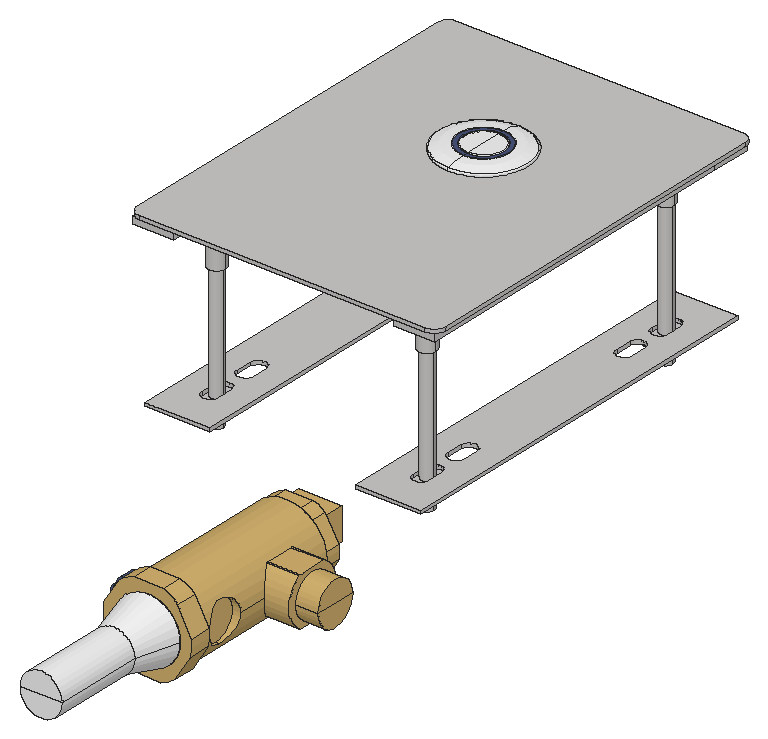
Revit family "PRD_AR_FlshCntrlDvcs_F5EElectronicWCFlush_F5EF4004", category Plumbing Fixtures, host Face, Revit 2023
Family settings
  Host = Face
  Round Connector Dimension = Use Diameter
  Part Type = Normal
  OmniClass Number = 23.45.55.11
  OmniClass Title = Sanitary Components
  Enable Cutting in Views = Yes
  Cut with Voids When Loaded = Yes
  Maintain Annotation Orientation = No
  Shared = No
  Room Calculation Point = No
Parameters (values of type "F5EF4004")
  WithTransformerPowerSupply = "No"
  Waste Connection = yes
  WarrantyStartDate [instance] = "1900-12-31T23:59:59"
  WarrantyGuarantorParts = "n/a"
  WarrantyGuarantorLabor = "n/a"
  WarrantyDurationUnit = "n/a"
  WarrantyDurationParts = "n/a"
  WarrantyDurationLabor = "n/a"
  WarrantyDescription = "n/a"
  WallThicknessControl [instance] = if(WallThickness < 50 mm, 50 mm, if(WallThickness > 500 mm, 500 mm, WallThickness))  # 100 mm
  WallThickness [instance] = 100 mm
  WFU = 0
  Voltage [instance] = 24 V
  Version = "1"
  Vent Connection = yes
  ValveVerticalOffset [instance] = 150 mm
  ValveTurnOn [instance] = yes
  ValveOffsetFromWall [instance] = 150 mm
  Uniclass2015Version = "Products v1.36"
  Uniclass2015Title = "Flush control devices"
  Uniclass2015Code = "Pr_75_50_46_31"
  URL = "www.kwc-professional.com"
  TypeOfSensor = "piezo-electronic sensor"
  TypeOfPowerSupply = "Transformer"
  TypeOfOperation = "sensor operation"
  TypeOfMounting = "concealed"
  TypeOfFlushingFitting = "WC flush valve"
  Type IFC Predefined Type = "USERDEFINED"
  TagNumber [instance] = "n/a"
  SustainabilityPerformance = "n/a"
  SurfaceFinishCasing = "satin finished"
  Status = "New"
  SoundInsulation = "No"
  Size = "20"
  Shape = "n/a"
  SerialNumber [instance] = "n/a"
  Revision = "n/a"
  ReplacementCost = "n/a"
  Reference = "n/a"
  ProtectiveSystemIP = "IP59K"
  ProtectiveShutdown = "Yes"
  ProductInformation = "http://pim.kwc.com/product/2030068198/attachment/datasheet?locale=en"
  PowerSupplyConnection = "A3000 open 24 V DC"
  PowerFactor [instance] = 1
  PowerConsumption = "2.5 Voltampere"
  Poles [instance] = 1
  Parameterization = "network"
  NumberOfPoles [instance] = Poles  # 1
  NominalWidth = 190 mm
  NominalHeight = 245 mm
  NominalDepth = 2 mm
  Name = "F5E Electronic WC flush F5EF4004"
  NBSTypeID = "n/a"
  NBSReference = "90-15-35/470"
  NBSOfficeMasterTag = "n/a"
  NBSNote = "n/a"
  NBSDescription = "Flush control devices"
  NBSCertification = "n/a"
  ModelReference = "F5EF4004"
  ModelNumber = "2030068198"
  Model = ModelReference  # "F5EF4004"
  MinimumFlushWaterVolume = "6 Liter"
  MinimumFlowPressure = "1.2 bar"
  MaximumFlushingFlow = "1 l/s"
  MaximumFlushWaterVolume = "9 Liter"
  MaximumFlowPressure = "4 bar"
  MaterialCodeCasing = "1.4301 Chrome Nickel steel V2A"
  MaterialCasing = "stainless steel"
  Material = "Stainless steel"
  MateriaFitting = "brass-look"
  ManufacturerURL = "www.kwc-professional.com"
  ManufacturerName = "KWC Group Management AG"
  Manufacturer = ManufacturerName  # "KWC Group Management AG"
  InstallationDate [instance] = "1900-12-31T23:59:59"
  IfcExportType = "USERDEFINED"
  IfcExportAs = "IfcSensorType"
  HygieneFlushing = "Yes"
  HWFU = 0
  HW Connection = yes
  Grade = "n/a"
  FunctionalPrinciple = "electronic self-closing"
  FlushingVolumeAdjustable = "Yes"
  Finish = "Satin finished"
  Features = "Stainless steel cover plate 190 x 245 x 2 mm for invisible mounting via threaded rods, up to a wall thickness of 50 to 500 mm."
  Export Type to IFC As = "IfcSensorType"
  ExpectedLife = "n/a"
  DurationUnit = "n/a"
  DiameterNominal = "DN 20"
  Description = "F5E - A3000 open WC flush valve for concealed mounting, electronically controlled. Especially suitable for facilities at risk of vandalism. With waterproof electronic module with additional input for sensors to be provided by the client, maximum distance to the electronic module 5 m, solenoid flush valve including enclosed throttle insert for reducing flush volume, waterproof electrical T-junction for connection to system cable, stainless steel cover plate 190 x 245 x 2 mm for invisible mounting via threaded rods, up to a wall thickness of 50 to 500 mm, including piezo push-button and 2 m extension cable. Activated hygiene flushing 24 hours after the last activity. With facility for parameterization, cleaning deactivation and communication via ECC2 function controller, 24 V DC."
  DefaultAutomaticHygieneFlush = "24h after the last activity"
  Default Elevation = 1219.2 mm
  CreateOn = "05/2025"  # constant formula
  Constituents = "n/a"
  Color = "stainless steel-look"
  CodePerformance = "n/a"
  Category = "Pr_75_50_46_31, Flush control devices"
  CWFU = 0
  CW Connection = yes
  ButtonMaterial = PRD_AR_ChromatedBrass_HighPolished
  BodyMaterial = PRD_AR_StainlessSteel_Brushed
  BasicColour = "stainless steel-look"
  BarCode [instance] = "n/a"
  BIMObjectName = "PRD_AR_FlushControlDevices_F5EElectronicWCFlush_F5EF4004"
  Author = "Archispace"
  AssetType = "Fixed"
  AssetIdentifier [instance] = "n/a"
  ApparentLoad [instance] = 0 VA
  AccessibilityPerformance = "n/a"
Reference planes
  plane 1 "Center (Front/Back)": y = 0
  plane 2: z = 0
  plane 3 "Center (Left/Right)": x = 0
  plane 4: z = -100
  plane 5: y = -150
  plane 6: z = -150
  plane 7: z = -177.888
  plane 8: z = -122.112
  plane 9: y = -87
  plane 10: y = -308.5
  plane 11: x = 54.5
  plane 12: x = -54.5
  plane 13: y = -87
  plane 14: y = -308.5
Forms (mm)
  Extrusion 1, void
    sketch origin (0, 0, 0) x (1, 0, 0) y (0, 1, 0)
      loop
        circle (0, 4.921) r 11.456
    from -25 to 17.126
  Extrusion 2, void
    sketch origin (0, 0, 0) x (1, 0, 0) y (0, 1, 0)
      loop
        line (-73.04, 101.038) -> (-73.04, 0) -> (-73.04, -101.038) -> (0, -101.038) -> (73.04, -101.038) -> (73.04, 0) -> (73.04, 101.038) -> (0, 101.038) -> (-73.04, 101.038)
    from 0 to -100
  Extrusion 3, void
    sketch origin (0, 0, 0) x (1, 0, 0) y (0, 1, 0)
      loop
        line (54.5, -308.5) -> (54.5, -87) -> (-54.5, -87) -> (-54.5, -308.5) -> (54.5, -308.5)
    from -177.888 to -122.112
Dimensions and locks
  "WallThicknessControl": level to plane 4
  "ValveVerticalOffset": plane 5 to plane 1 "Center (Front/Back)"
  "ValveOffsetFromWall": level to plane 6
  plane 8 to plane 6 to plane 7 = 27.888 mm locked, 27.888 mm locked
  plane 9 to plane 5 to plane 10 = 63 mm locked, 158.5 mm locked
  plane 12 to plane 3 "Center (Left/Right)" to plane 11 = 54.5 mm locked, 54.5 mm locked
  plane 13 to plane 5 to plane 14 = 63 mm locked, 158.5 mm locked
  aligned and locked: plane 2 to host face
  aligned and locked: level to host face
  aligned and locked: Extrusion 2 to plane 4
  aligned and locked: nested 2 to plane 3 "Center (Left/Right)"
  aligned and locked: plane 5 to nested 2
  aligned and locked: plane 6 to nested 2
  aligned and locked: plane 14 to Extrusion 3 sketch curve
  aligned and locked: Extrusion 3 sketch curve to plane 11
  aligned and locked: Extrusion 3 sketch curve to plane 13
  aligned and locked: Extrusion 3 sketch curve to plane 12
  aligned and locked: Extrusion 3 to plane 7
  aligned and locked: plane 8 to Extrusion 3
Automatic sketch dimensions
  host sketch curve to host sketch curve = 2438.4 mm  (x2)
  Extrusion 1 sketch curve to Extrusion 1 sketch curve = 0 mm  (x2)
  Extrusion 1 sketch curve to plane 3 "Center (Left/Right)" = 0 mm
  Extrusion 1 sketch curve to plane 1 "Center (Front/Back)" = 4.921 mm
  Extrusion 1 sketch curve to Extrusion 1 sketch curve = 11.456 mm
  plane 1 "Center (Front/Back)" to Extrusion 2 sketch curve = 0 mm  (x2)
  Extrusion 2 sketch curve to plane 3 "Center (Left/Right)" = 0 mm  (x2)
  Extrusion 2 sketch curve to Extrusion 2 sketch curve = 73.04 mm
  plane 3 "Center (Left/Right)" to Extrusion 2 sketch curve = 73.04 mm
  plane 1 "Center (Front/Back)" to Extrusion 2 sketch curve = 101.038 mm
  Extrusion 2 sketch curve to plane 1 "Center (Front/Back)" = 101.038 mm
Nested families
  nested 1: "ElectronicWCFlush" at (0, 0, 0) x (-1, 0, 0) z (0, 0, 1), Wall Thickness <- "WallThickness", type "ElectronicWCFlush"
    with Wall Thickness_Control 100 mm, Wall Thickness 100 mm
  nested 2: "Valve" at (0, -150, -150) x (0, 0, 1) z (0, 1, 0), visible <- "ValveTurnOn", type "Valve"
Connectors
  electrical at (0, 32.5, -15.835), driven by "Voltage", driven by "ApparentLoad", driven by "PowerFactor", driven by "Poles"
    settings: on nested 1, index 1, voltage 24 V, apparent load 0 VA, apparent load phase1 0 VA, apparent load phase2 0 VA, apparent load phase3 0 VA, power factor 1, load classification "Power", number of poles 1, system type 30, power factor state 1, is connector primary yes, connector utility no, sub classification motor no, connector description "Power"
  piping at (54.5, -150, -150), diameter 20
    settings: on nested 2, index 2, connector inside diameter 609.6 mm, connector length 0 mm, flow factor 0, pipe flow 0.0 L/s, pressure drop 0.0 Pa, fitting loss kfactor 0, connector angle 0.00°, fixture units 0, engagement length 0 mm, angle of deflection 0.00°, flow configuration 0, flow direction 1, fitting loss method 0, system type 7, joint type 0, gender type 0, connector reference index -1, connector utility 0, adjustable connector no, is connector primary yes, connector description "G1B"
  piping at (0, -308.5, -150), diameter 26
    settings: on nested 2, index 3, connector inside diameter 609.6 mm, connector length 0 mm, flow factor 0, pipe flow 0.0 L/s, pressure drop 0.0 Pa, fitting loss kfactor 0, connector angle 0.00°, fixture units 0, engagement length 0 mm, angle of deflection 0.00°, flow configuration 0, flow direction 0, fitting loss method 0, system type 28, joint type 0, gender type 0, connector reference index -1, connector utility 0, adjustable connector no, is connector primary no, connector description ""
Definition of nested family "ElectronicWCFlush"
  Parameters (values of type "ElectronicWCFlush")
    Wall Thickness_Control [instance] = if(Wall Thickness < 50 mm, 50 mm, if(Wall Thickness > 500 mm, 500 mm, Wall Thickness))  # 130 mm
    Wall Thickness [instance] = 130 mm
    Material Button = none
    Material = none
    Default Elevation = 0 mm
  Reference planes
    plane 1 "Center (Front/Back)": y = 0
    plane 2: z = 0
    plane 3 "Center (Left/Right)": x = 0
    plane 4: z = -148.736
    plane 5: z = -132
    plane 6: z = -130
    plane 7: z = 2
    plane 8: z = -4.4
    plane 9: z = 26
    plane 10: z = -18
    plane 11: z = -15.91
  Forms (mm)
    Extrusion 1, solid, material <- "Material", detail levels fine
      sketch origin (0, 0, 0) x (1, 0, 0) y (0, 1, 0)
        loop
          line (-95, 115.5) -> (-95, -115.5)
          arc (-95, -115.5) -> (-92.95, -120.45) -> (-88, -122.5) r 7
          line (-88, -122.5) -> (88, -122.5)
          arc (88, -122.5) -> (92.95, -120.45) -> (95, -115.5) r 7
          line (95, -115.5) -> (95, 115.5)
          arc (95, 115.5) -> (92.95, 120.45) -> (88, 122.5) r 7
          line (88, 122.5) -> (-88, 122.5)
          arc (-88, 122.5) -> (-92.95, 120.45) -> (-95, 115.5) r 7
      from 0 to 2
    Extrusion 2, solid, material <- "Material", detail levels fine
      sketch origin (0, 0, 0) x (1, 0, 0) y (0, 1, 0)
        loop
          line (-93, 121.5) -> (-93, -94.5) -> (-68, -94.5) -> (-68, 121.5) -> (-93, 121.5)
        loop
          line (93, 121.5) -> (68, 121.5) -> (68, -94.5) -> (93, -94.5) -> (93, 121.5)
      from -4.4 to 0
    Extrusion 3, solid, material <- "Material", detail levels fine
      sketch origin (0, 0, 0) x (1, 0, 0) y (0, 1, 0)
        loop
          line (-93, -94.5) -> (-93, -119.5) -> (93, -119.5) -> (93, -94.5) -> (-93, -94.5)
      from -4.4 to 0
    Extrusion 4, solid, material <- "Material", detail levels medium+fine
      sketch origin (0, 0, 0) x (1, 0, 0) y (0, 1, 0)
        loop
          circle (-64.946, 92.047) r 5.42
      from -30.436 to 0
    Extrusion 5, solid, material <- "Material", detail levels medium+fine
      sketch origin (0, 0, 0) x (-1, 0, 0) y (0, -1, 0)
        loop
          circle (-64.946, -92.047) r 5.42
      from -30.436 to 0
    Extrusion 6, solid, material <- "Material", detail levels medium+fine
      sketch origin (0, 0, 0) x (-1, 0, 0) y (0, -1, 0)
        loop
          circle (-64.946, 92.047) r 5.42
      from -30.436 to 0
    Extrusion 7, solid, material <- "Material", detail levels medium+fine
      sketch origin (0, 0, 0) x (1, 0, 0) y (0, 1, 0)
        loop
          circle (-64.946, -92.047) r 5.42
      from -30.436 to 0
    Extrusion 8, solid, material <- "Material", detail levels medium+fine
      sketch origin (0, 0, 0) x (1, 0, 0) y (0, 1, 0)
        loop
          circle (-64.946, 92.047) r 4.038
        loop
          circle (64.946, 92.047) r 4.038
        loop
          circle (64.946, -92.047) r 4.038
        loop
          circle (-64.946, -92.047) r 4.038
      from -148.736 to -30.436
    Sweep 9, solid, material <- "Material", detail levels fine
      path origin (0, 0, 0) x (0, 1, 0) y (0, 0, 1)
        loop
          line (122.5, -132) -> (122.5, -130)
      profile origin (0, 122.5, -131) x (0, -1, 0) y (1, 0, 0)
        loop
          line (0, -85) -> (245, -85) -> (245, -45) -> (0, -45) -> (0, -85)
        loop
          line (192.5, -60) -> (182.5, -60)
          arc (182.5, -60) -> (177.5, -65) -> (182.5, -70) r 5
          line (182.5, -70) -> (192.5, -70)
          arc (192.5, -70) -> (197.5, -65) -> (192.5, -60) r 5
        loop
          line (219.5, -60) -> (209.5, -60)
          arc (209.5, -60) -> (204.5, -65) -> (209.5, -70) r 5
          line (209.5, -70) -> (219.5, -70)
          arc (219.5, -70) -> (224.5, -65) -> (219.5, -60) r 5
        loop
          arc (52.5, -60) -> (47.5, -65) -> (52.5, -70) r 5
          line (52.5, -70) -> (62.5, -70)
          arc (62.5, -70) -> (67.5, -65) -> (62.5, -60) r 5
          line (62.5, -60) -> (52.5, -60)
        loop
          arc (25.5, -60) -> (20.5, -65) -> (25.5, -70) r 5
          line (25.5, -70) -> (35.5, -70)
          arc (35.5, -70) -> (40.5, -65) -> (35.5, -60) r 5
          line (35.5, -60) -> (25.5, -60)
        loop
          line (0, 85) -> (0, 45) -> (245, 45) -> (245, 85) -> (0, 85)
        loop
          arc (192.5, 60) -> (197.5, 65) -> (192.5, 70) r 5
          line (192.5, 70) -> (182.5, 70)
          arc (182.5, 70) -> (177.5, 65) -> (182.5, 60) r 5
          line (182.5, 60) -> (192.5, 60)
        loop
          arc (219.5, 60) -> (224.5, 65) -> (219.5, 70) r 5
          line (219.5, 70) -> (209.5, 70)
          arc (209.5, 70) -> (204.5, 65) -> (209.5, 60) r 5
          line (209.5, 60) -> (219.5, 60)
        loop
          line (52.5, 60) -> (62.5, 60)
          arc (62.5, 60) -> (67.5, 65) -> (62.5, 70) r 5
          line (62.5, 70) -> (52.5, 70)
          arc (52.5, 70) -> (47.5, 65) -> (52.5, 60) r 5
        loop
          line (25.5, 60) -> (35.5, 60)
          arc (35.5, 60) -> (40.5, 65) -> (35.5, 70) r 5
          line (35.5, 70) -> (25.5, 70)
          arc (25.5, 70) -> (20.5, 65) -> (25.5, 60) r 5
    Sweep 10, solid, material <- "Material", detail levels fine
      path origin (0, 0, 0) x (0, 1, 0) y (0, 0, 1)
        loop
          line (106, -135) -> (106, -132)
      profile origin (0, 106, -133.5) x (0, -1, 0) y (1, 0, 0)
        loop
          circle (13.984, -64.949) r 13.871
        loop
          circle (13.984, 64.949) r 13.871
        loop
          circle (198.016, -64.949) r 13.871
        loop
          circle (198.016, 64.949) r 13.871
    Sweep 11, solid, material <- "Material", detail levels fine
      path origin (0, 0, 0) x (0, 1, 0) y (0, 0, 1)
        loop
          line (93.672, -141.8) -> (93.672, -135)
      profile origin (0, 93.672, -138.4) x (0, -1, 0) y (1, 0, 0)
        loop
          line (-5.834, -65) -> (-2.081, -71.5) -> (5.425, -71.5) -> (9.177, -65) -> (5.425, -58.5) -> (-2.081, -58.5) -> (-5.834, -65)
        loop
          line (-5.834, 65) -> (-2.081, 58.5) -> (5.425, 58.5) -> (9.177, 65) -> (5.425, 71.5) -> (-2.081, 71.5) -> (-5.834, 65)
        loop
          line (193.177, -65) -> (189.425, -58.5) -> (181.919, -58.5) -> (178.166, -65) -> (181.919, -71.5) -> (189.425, -71.5) -> (193.177, -65)
        loop
          line (193.177, 65) -> (189.425, 71.5) -> (181.919, 71.5) -> (178.166, 65) -> (181.919, 58.5) -> (189.425, 58.5) -> (193.177, 65)
    Extrusion 12, solid, material <- "Material", detail levels coarse
      sketch origin (0, 122.5, -132) x (0, 1, 0) y (-1, 0, 0)
        loop
          line (0, 95) -> (-245, 95) -> (-245, -95) -> (0, -95) -> (0, 95)
      from -16.736 to 134
    Extrusion 13, solid, material <- "Material", detail levels medium
      sketch origin (0, 122.5, -132) x (0, 1, 0) y (-1, 0, 0)
        loop
          line (-245, 95) -> (-245, -95) -> (0, -95) -> (0, 95) -> (-245, 95)
      from 127.6 to 134
    Sweep 14, solid, material <- "Material", detail levels medium
      path origin (0, 0, 0) x (0, 1, 0) y (0, 0, 1)
        loop
          line (122.5, -132) -> (122.5, -130)
      profile origin (0, 122.5, -131) x (0, -1, 0) y (1, 0, 0)
        loop
          line (0, -85) -> (245, -85) -> (245, -45) -> (0, -45) -> (0, -85)
        loop
          line (0, 85) -> (0, 45) -> (245, 45) -> (245, 85) -> (0, 85)
    Revolve 15, solid, material <- "Material Button", detail levels fine
      sketch origin (0, 0, 0) x (0, 1, 0) y (0, 0, 1)
        loop
          line (-32.5, 2) -> (-4.961, 2)
          arc (-4.961, 2) -> (-5.113, 2.697) -> (-5.668, 3.145) r 1.075
          arc (-5.668, 3.145) -> (-11.207, 4.703) -> (-16.94, 5.195) r 30.555
          line (-16.94, 5.195) -> (-16.94, 3.123) -> (-32.5, 3.123) -> (-32.5, 2)
        axis (-32.5, 5.195) -> (-32.5, 2)
      angle from 0 to 360
    Revolve 16, solid, detail levels fine
      sketch origin (0, 0, 0) x (0, 1, 0) y (0, 0, 1)
        loop
          line (-17.049, 5.195) -> (-19.966, 5.195) -> (-19.966, 3.911) -> (-21.528, 3.911) -> (-21.528, 2.7) -> (-17.049, 2.7) -> (-17.049, 5.195)
        axis (-32.5, 2.7) -> (-32.5, 5.195)
      angle from 0 to 360
    Revolve 17, solid, material <- "Material Button", detail levels fine
      sketch origin (0, 0, 0) x (0, 1, 0) y (0, 0, 1)
        loop
          arc (-20.005, 4.697) -> (-20.15, 5.049) -> (-20.502, 5.195) r 0.498
          line (-20.502, 5.195) -> (-32.5, 5.195) -> (-32.5, 3.911) -> (-20.005, 3.911) -> (-20.005, 4.697)
        axis (-32.5, 5.195) -> (-32.5, 3.911)
      angle from 0 to 360
    Revolve 18, solid, detail levels fine
      sketch origin (0, 0, 0) x (0, 1, 0) y (0, 0, 1)
        loop
          line (-32.5, 0) -> (-32.5, -15.835) -> (-22.325, -15.835) -> (-22.325, -14.272) -> (-21.52, -13.467) -> (-21.52, -11.75) -> (-20.333, -11.75) -> (-19.601, -10.25) -> (-18.756, -10.25) -> (-18.756, -3.05) -> (-22.325, -3.05) -> (-22.325, 0) -> (-32.5, 0)
        axis (-32.5, 0) -> (-32.5, -15.835)
      angle from 0 to 360
    Revolve 19, solid, material <- "Material Button", detail levels coarse+medium
      sketch origin (0, 0, 0) x (0, 1, 0) y (0, 0, 1)
        loop
          line (-32.5, 2) -> (-4.961, 2) -> (-4.961, 5.195) -> (-32.5, 5.195) -> (-32.5, 2)
        axis (-32.5, 5.195) -> (-32.5, 2)
      angle from 0 to 360
    Revolve 20, solid, detail levels medium
      sketch origin (0, 0, 0) x (0, 1, 0) y (0, 0, 1)
        loop
          line (-32.5, -3.05) -> (-32.5, -15.835) -> (-18.756, -15.835) -> (-18.756, -3.05) -> (-22.325, -3.05) -> (-22.325, 0) -> (-32.5, 0) -> (-32.5, -3.05)
        axis (-32.5, 0) -> (-32.5, -15.835)
      angle from 0 to 360
    Revolve 21, solid, detail levels coarse
      sketch origin (0, 0, 0) x (0, 1, 0) y (0, 0, 1)
        loop
          line (-32.5, -3.05) -> (-32.5, -15.91) -> (-18.756, -15.91) -> (-18.756, 0) -> (-32.5, 0) -> (-32.5, -3.05)
        axis (-32.5, 0) -> (-32.5, -15.91)
      angle from 0 to 360
  Dimensions and locks
    locked: plane 5 to plane 4 at 16.736
    locked: Sweep 9 sketch curve to plane 5 at 2
    locked: Sweep 10 sketch curve to Sweep 10 sketch curve at 3
    locked: plane 5 to Sweep 11 sketch curve at 3
    locked: Sweep 11 sketch curve to Sweep 11 sketch curve at 6.8
    locked: plane 6 to plane 5 at 2
    "Wall Thickness_Control": level to plane 6
    locked: plane 7 to plane 11 at 17.91
    aligned and locked: level to plane 2
    aligned and locked: Extrusion 8 to plane 4
    aligned and locked: plane 5 to Sweep 9 sketch curve
    aligned and locked: plane 5 to Sweep 10 sketch curve
    aligned and locked: Extrusion 12 to plane 4
    aligned and locked: Extrusion 13 to Extrusion 1
    aligned and locked: Extrusion 12 to Extrusion 1
    aligned and locked: plane 11 to Revolve 21
    aligned and locked: Extrusion 13 to plane 8
  Automatic sketch dimensions
    Extrusion 1 sketch curve to plane 3 "Center (Left/Right)" = 95 mm
    Extrusion 1 sketch curve to Extrusion 1 sketch curve = 7 mm  (x3)
    plane 3 "Center (Left/Right)" to Extrusion 1 sketch curve = 88 mm  (x2)
    plane 1 "Center (Front/Back)" to Extrusion 1 sketch curve = 122.5 mm
    Extrusion 1 sketch curve to plane 1 "Center (Front/Back)" = 115.5 mm
    Extrusion 2 sketch curve to plane 3 "Center (Left/Right)" = 93 mm
    Extrusion 2 sketch curve to Extrusion 2 sketch curve = 25 mm  (x2)
    plane 3 "Center (Left/Right)" to Extrusion 2 sketch curve = 68 mm
    plane 1 "Center (Front/Back)" to Extrusion 2 sketch curve = 94.5 mm  (x2)
    Extrusion 2 sketch curve to plane 1 "Center (Front/Back)" = 121.5 mm  (x2)
    Extrusion 3 sketch curve to plane 3 "Center (Left/Right)" = 93 mm
    plane 3 "Center (Left/Right)" to Extrusion 3 sketch curve = 93 mm
    plane 1 "Center (Front/Back)" to Extrusion 3 sketch curve = 119.5 mm
    Extrusion 3 sketch curve to Extrusion 3 sketch curve = 25 mm
    Extrusion 4 sketch curve to plane 3 "Center (Left/Right)" = 64.946 mm
    Extrusion 4 sketch curve to plane 1 "Center (Front/Back)" = 92.047 mm
    plane 3 "Center (Left/Right)" to Extrusion 5 sketch curve = 64.946 mm
    Extrusion 5 sketch curve to plane 1 "Center (Front/Back)" = 92.047 mm
    plane 3 "Center (Left/Right)" to Extrusion 6 sketch curve = 64.946 mm
    plane 1 "Center (Front/Back)" to Extrusion 6 sketch curve = 92.047 mm
    Extrusion 7 sketch curve to plane 3 "Center (Left/Right)" = 64.946 mm
    plane 1 "Center (Front/Back)" to Extrusion 7 sketch curve = 92.047 mm
    Extrusion 8 sketch curve to plane 3 "Center (Left/Right)" = 64.946 mm  (x2)
    plane 3 "Center (Left/Right)" to Extrusion 8 sketch curve = 64.946 mm  (x2)
    plane 1 "Center (Front/Back)" to Extrusion 8 sketch curve = 92.047 mm  (x2)
    Extrusion 8 sketch curve to plane 1 "Center (Front/Back)" = 92.047 mm  (x2)
    Sweep 9 sketch curve to plane 1 "Center (Front/Back)" = 122.5 mm
    Sweep 9 sketch curve to profile plane = 0 mm  (x2)
    Sweep 9 sketch curve to profile plane = 25.5 mm  (x2)
    Sweep 9 sketch curve to Sweep 9 sketch curve = 10 mm  (x8)
    Sweep 9 sketch curve to Sweep 9 sketch curve = 17 mm  (x4)
    Sweep 9 sketch curve to plane 3 "Center (Left/Right)" = 70 mm  (x2)
    Sweep 9 sketch curve to Sweep 9 sketch curve = 120 mm  (x2)
    Sweep 9 sketch curve to Sweep 9 sketch curve = 25.5 mm  (x2)
    Sweep 9 sketch curve to Sweep 9 sketch curve = 15 mm  (x5)
    Sweep 9 sketch curve to Sweep 9 sketch curve = 0 mm  (x4)
    Sweep 9 sketch curve to Sweep 9 sketch curve = 5 mm  (x8)
    plane 3 "Center (Left/Right)" to Sweep 9 sketch curve = 45 mm
    Sweep 10 sketch curve to plane 1 "Center (Front/Back)" = 106 mm
    Sweep 10 sketch curve to profile plane = 13.984 mm  (x2)
    plane 3 "Center (Left/Right)" to Sweep 10 sketch curve = 64.949 mm  (x2)
    Sweep 10 sketch curve to Sweep 10 sketch curve = 184.032 mm
    Sweep 10 sketch curve to plane 3 "Center (Left/Right)" = 64.949 mm  (x2)
    Sweep 10 sketch curve to Sweep 10 sketch curve = 0 mm
    Sweep 11 sketch curve to plane 1 "Center (Front/Back)" = 93.672 mm
    profile plane to Sweep 11 sketch curve = 5.834 mm  (x2)
    profile plane to Sweep 11 sketch curve = 2.081 mm  (x4)
    Sweep 11 sketch curve to profile plane = 5.425 mm  (x4)
    Sweep 11 sketch curve to Sweep 11 sketch curve = 3.753 mm  (x8)
    plane 3 "Center (Left/Right)" to Sweep 11 sketch curve = 65 mm  (x2)
    Sweep 11 sketch curve to Sweep 11 sketch curve = 168.989 mm
    Sweep 11 sketch curve to plane 3 "Center (Left/Right)" = 65 mm  (x2)
    Sweep 11 sketch curve to Sweep 11 sketch curve = 0 mm
    Sweep 11 sketch curve to plane 3 "Center (Left/Right)" = 71.5 mm  (x2)
    plane 3 "Center (Left/Right)" to Sweep 11 sketch curve = 71.5 mm
    plane 3 "Center (Left/Right)" to Sweep 11 sketch curve = 58.5 mm  (x2)
    Sweep 11 sketch curve to Sweep 11 sketch curve = 7.506 mm  (x4)
    Sweep 11 sketch curve to Sweep 11 sketch curve = 6.5 mm  (x7)
    plane 1 "Center (Front/Back)" to Extrusion 12 sketch curve = 122.5 mm
    plane 3 "Center (Left/Right)" to Extrusion 12 sketch curve = 95 mm
    Extrusion 12 sketch curve to plane 1 "Center (Front/Back)" = 122.5 mm
    Extrusion 12 sketch curve to plane 3 "Center (Left/Right)" = 95 mm
    plane 1 "Center (Front/Back)" to Extrusion 13 sketch curve = 122.5 mm
    Extrusion 13 sketch curve to plane 3 "Center (Left/Right)" = 95 mm
    plane 3 "Center (Left/Right)" to Extrusion 13 sketch curve = 95 mm
    Extrusion 13 sketch curve to plane 1 "Center (Front/Back)" = 122.5 mm
    Sweep 14 sketch curve to plane 6 = 0 mm
    Sweep 14 sketch curve to plane 5 = 0 mm
    Sweep 14 sketch curve to plane 1 "Center (Front/Back)" = 122.5 mm
    Sweep 14 sketch curve to profile plane = 0 mm  (x2)
    plane 3 "Center (Left/Right)" to Sweep 14 sketch curve = 45 mm
    Sweep 14 sketch curve to plane 3 "Center (Left/Right)" = 85 mm
    Sweep 14 sketch curve to Sweep 14 sketch curve = 40 mm  (x2)
    Sweep 14 sketch curve to Sweep 14 sketch curve = 0 mm
    Sweep 14 sketch curve to profile plane = 245 mm
    Revolve 15 sketch curve to plane 7 = 0 mm
    plane 1 "Center (Front/Back)" to Revolve 15 sketch curve = 32.5 mm
    plane 7 to Revolve 15 sketch curve = 1.123 mm
    Revolve 15 sketch curve to Revolve 15 sketch curve = 15.56 mm
    Revolve 15 sketch curve to plane 10 = 7.36 mm
    plane 1 "Center (Front/Back)" to Revolve 15 sketch curve = 16.672 mm
    plane 7 to Revolve 15 sketch curve = 0.133 mm
    plane 1 "Center (Front/Back)" to Revolve 15 sketch curve = 6.028 mm
    Revolve 15 sketch curve to Revolve 15 sketch curve = 1.066 mm
    Revolve 15 sketch curve to Revolve 15 sketch curve = 2.072 mm
    Revolve 15 sketch curve to Revolve 15 sketch curve = 0 mm
    Revolve 15 sketch curve to level = 1.544 mm
    Revolve 15 sketch curve to Revolve 15 sketch curve = 0.561 mm
    plane 7 to Revolve 17 sketch curve = 1.911 mm
    plane 1 "Center (Front/Back)" to Revolve 17 sketch curve = 32.5 mm
    plane 7 to Revolve 17 sketch curve = 3.195 mm
    Revolve 17 sketch curve to Revolve 17 sketch curve = 11.998 mm
    Revolve 17 sketch curve to Revolve 17 sketch curve = 0.498 mm
    Revolve 17 sketch curve to Revolve 17 sketch curve = 0 mm  (x2)
    plane 7 to Revolve 17 sketch curve = 0.43 mm
    plane 7 to Revolve 16 sketch curve = 0.7 mm
    plane 1 "Center (Front/Back)" to Revolve 16 sketch curve = 21.528 mm
    Revolve 16 sketch curve to Revolve 16 sketch curve = 1.561 mm
    Revolve 16 sketch curve to Revolve 16 sketch curve = 2.917 mm
    plane 7 to Revolve 16 sketch curve = 1.911 mm
    Revolve 16 sketch curve to Revolve 16 sketch curve = 1.284 mm
    Revolve 16 sketch curve to Revolve 16 sketch curve = 10.972 mm
    plane 10 to Revolve 16 sketch curve = 2.2 mm
    plane 7 to Revolve 16 sketch curve = 7.85 mm
    Revolve 19 sketch curve to plane 7 = 0 mm
    plane 1 "Center (Front/Back)" to Revolve 19 sketch curve = 32.5 mm
    plane 1 "Center (Front/Back)" to Revolve 19 sketch curve = 4.961 mm
    plane 7 to Revolve 19 sketch curve = 3.195 mm
    Revolve 19 sketch curve to Revolve 19 sketch curve = 0 mm  (x2)
    Revolve 19 sketch curve to level = 1.544 mm
    Revolve 20 sketch curve to level = 0 mm
    plane 8 to Revolve 20 sketch curve = 1.35 mm  (x2)
    plane 1 "Center (Front/Back)" to Revolve 20 sketch curve = 32.5 mm
    Revolve 20 sketch curve to Revolve 20 sketch curve = 10.175 mm
    Revolve 20 sketch curve to Revolve 20 sketch curve = 13.744 mm
    Revolve 20 sketch curve to Revolve 20 sketch curve = 0 mm  (x3)
    plane 10 to Revolve 20 sketch curve = 2.165 mm
    Revolve 21 sketch curve to level = 0 mm
    plane 8 to Revolve 21 sketch curve = 1.35 mm
    plane 1 "Center (Front/Back)" to Revolve 21 sketch curve = 32.5 mm
    Revolve 21 sketch curve to Revolve 21 sketch curve = 13.744 mm
    plane 10 to Revolve 21 sketch curve = 1.656 mm
    Revolve 21 sketch curve to Revolve 21 sketch curve = 0 mm  (x2)
    plane 6 to Revolve 21 sketch curve = 114.09 mm
    Revolve 18 sketch curve to level = 0 mm
    plane 1 "Center (Front/Back)" to Revolve 18 sketch curve = 32.5 mm
    plane 10 to Revolve 18 sketch curve = 3.728 mm
    Revolve 18 sketch curve to Revolve 18 sketch curve = 10.175 mm  (x2)
    plane 8 to Revolve 18 sketch curve = 1.35 mm
    Revolve 18 sketch curve to Revolve 18 sketch curve = 0.805 mm  (x2)
    Revolve 18 sketch curve to Revolve 18 sketch curve = 1.187 mm
    Revolve 18 sketch curve to plane 8 = 5.85 mm
    Revolve 18 sketch curve to Revolve 18 sketch curve = 0.732 mm
    Revolve 18 sketch curve to Revolve 18 sketch curve = 3.57 mm
    plane 10 to Revolve 18 sketch curve = 2.165 mm
    Revolve 18 sketch curve to Revolve 18 sketch curve = 1.5 mm
    Revolve 18 sketch curve to plane 8 = 2.259 mm
    Revolve 18 sketch curve to Revolve 18 sketch curve = 0 mm
    Revolve 18 sketch curve to plane 10 = 2.551 mm
    radius of Extrusion 4 sketch curve = 5.42 mm
    radius of Extrusion 5 sketch curve = 5.42 mm
    radius of Extrusion 6 sketch curve = 5.42 mm
    radius of Extrusion 7 sketch curve = 5.42 mm
    radius of Extrusion 8 sketch curve = 4.038 mm  (x4)
    radius of Sweep 10 sketch curve = 13.871 mm  (x4)
Definition of nested family "Valve"
  Parameters (values of type "Valve")
    Default Elevation = 1219.2 mm
    Brass Material = none
  Reference planes
    plane 1 "Center (Front/Back)": y = 0
    plane 2: z = 0
    plane 3 "Center (Left/Right)": x = 0
    plane 4: z = 0
  Forms (mm)
    Revolve 1, solid, material <- "Brass Material", detail levels fine
      sketch origin (0, 0, 0) x (0, 1, 0) y (0, 0, 1)
        loop
          line (0, 30.5) -> (0, -158.5) -> (13, -158.5) -> (13, -102.826) -> (20.054, -76.5) -> (20.054, -63.5) -> (24.959, -63.5) -> (24.959, 30.5) -> (0, 30.5)
        axis (0, 30.5) -> (0, -158.5)
      angle from 0 to 360
    Extrusion 2, solid, material <- "Brass Material", detail levels fine
      sketch origin (0, 122.5, -132) x (0, 1, 0) y (-1, 0, 0)
        loop
          line (-114.274, 26.241) -> (-132.183, 25.739)
          arc (-132.183, 25.739) -> (-136.929, 23.449) -> (-141.112, 20.245) r 25.847
          line (-141.112, 20.245) -> (-149.632, 4.484)
          arc (-149.632, 4.484) -> (-149.79, -0.765) -> (-149.338, -5.996) r 45.244
          line (-149.338, -5.996) -> (-139.949, -21.255)
          arc (-139.949, -21.255) -> (-135.604, -24.241) -> (-130.726, -26.241) r 24.818
          line (-130.726, -26.241) -> (-112.817, -25.739)
          arc (-112.817, -25.739) -> (-108.056, -23.473) -> (-103.888, -20.245) r 24.605
          line (-103.888, -20.245) -> (-95.16, -4.099)
          arc (-95.16, -4.099) -> (-95.128, 0.962) -> (-95.662, 5.996) r 45.244
          line (-95.662, 5.996) -> (-105.051, 21.255)
          arc (-105.051, 21.255) -> (-109.404, 24.226) -> (-114.274, 26.241) r 25.535
      from 55.5 to 68.5
    Extrusion 3, solid, material <- "Brass Material", detail levels fine
      sketch origin (0, 122.5, 0) x (0, 1, 0) y (-1, 0, 0)
        loop
          arc (-106.802, 18.81) -> (-110.258, 21.204) -> (-114.059, 23) r 25.622
          line (-114.059, 23) -> (-130.941, 23)
          arc (-130.941, 23) -> (-134.724, 21.173) -> (-138.198, 18.81) r 28.575
          line (-138.198, 18.81) -> (-146.639, 4.19)
          arc (-146.639, 4.19) -> (-146.987, 0) -> (-146.639, -4.19) r 25.394
          line (-146.639, -4.19) -> (-138.198, -18.81)
          arc (-138.198, -18.81) -> (-134.757, -21.229) -> (-130.941, -23) r 23.646
          line (-130.941, -23) -> (-114.059, -23)
          arc (-114.059, -23) -> (-110.21, -21.288) -> (-106.802, -18.81) r 20.097
          line (-106.802, -18.81) -> (-98.361, -4.19)
          arc (-98.361, -4.19) -> (-98.03, 0) -> (-98.361, 4.19) r 26.669
          line (-98.361, 4.19) -> (-106.802, 18.81)
      from 30.5 to 40.5
    Extrusion 4, solid, material <- "Brass Material", detail levels fine
      sketch origin (0, 0, 0) x (1, 0, 0) y (0, 0, 1)
        loop
          line (15, -8.936) -> (15, 8.912)
          arc (15, 8.912) -> (14.917, 9.482) -> (14.675, 10.004) r 2
          arc (14.675, 10.004) -> (0, 17.953) -> (-14.675, 10.004) r 17.521
          arc (-14.675, 10.004) -> (-14.917, 9.482) -> (-15, 8.912) r 2
          line (-15, 8.912) -> (-15, -8.936)
          arc (-15, -8.936) -> (-14.924, -9.484) -> (-14.7, -9.99) r 2
          arc (-14.7, -9.99) -> (0, -18.176) -> (14.7, -9.99) r 17.292
          arc (14.7, -9.99) -> (14.924, -9.484) -> (15, -8.936) r 2
      from -40.212 to -14.473
    Extrusion 5, void
      sketch origin (0, 0, 0) x (1, 0, 0) y (0, 0, 1)
        loop
          circle (0, -48.101) r 12.435
      from -55.846 to -19.15
    Revolve 6, solid, material <- "Brass Material", detail levels fine
      sketch origin (0, 0, 0) x (0, 1, 0) y (0, 0, 1)
        loop
          line (40.212, 13.233) -> (40.212, 0) -> (54.5, 0) -> (54.5, 13.233) -> (40.212, 13.233)
        axis (54.5, 0) -> (40.212, 0)
      angle from 0 to 360
    Extrusion 7, solid, material <- "Brass Material", detail levels fine
      sketch origin (0, 122.5, -132) x (0, 1, 0) y (-1, 0, 0)
        loop
          line (-114.5, 10) -> (-141, 10) -> (-141, -10) -> (-114.5, -10) -> (-114.5, 10)
      from 172.5 to 195
    Revolve 8, solid, material <- "Brass Material", detail levels fine
      sketch origin (0, -27.277, 0) x (1, 0, 0) y (0, 0, 1)
        loop
          line (-2.304, 53.909) -> (-3.977, 51.878) -> (-6.318, 51.072) -> (-12.24, 44.027) -> (-8.986, 41.291) -> (1.949, 54.299)
          arc (1.949, 54.299) -> (-0.258, 54.991) -> (-2.304, 53.909) r 3.005
        axis (-8.986, 41.291) -> (1.949, 54.299)
      angle from 0 to 360
    Extrusion 9, solid, detail levels fine
      sketch origin (0, 0, 0) x (1, 0, 0) y (0, 0, 1)
        loop
          line (-2.357, 56.969) -> (-5.303, 53.459) -> (-5.482, 52.443) -> (-3.915, 48.137) -> (-3.125, 47.474) -> (1.388, 46.678) -> (2.357, 47.031) -> (5.303, 50.541) -> (5.482, 51.557) -> (3.915, 55.863) -> (3.125, 56.526) -> (-1.388, 57.322) -> (-2.357, 56.969)
      from 19.725 to 23.211
    Revolve 10, solid, material <- "Brass Material", detail levels fine
      sketch origin (0, 0, 0) x (0, 1, 0) y (0, 0, 1)
        loop
          line (-18.5, 52) -> (-18.5, 57) -> (-22.75, 57) -> (-22.75, 54.831) -> (-27.272, 54.831) -> (-27.272, 52) -> (-18.5, 52)
        axis (-18.5, 52) -> (-27.272, 52)
      angle from 0 to 360
    Revolve 11, solid, detail levels fine
      sketch origin (0, 0, 0) x (0, 1, 0) y (0, 0, 1)
        loop
          line (-22.75, 52) -> (-22.75, 55.993) -> (-24.25, 55.993) -> (-24.25, 52) -> (-22.75, 52)
        axis (-22.75, 52) -> (-24.25, 52)
      angle from 0 to 360
    Revolve 12, solid, detail levels fine
      sketch origin (-33.329, -36.372, -14.51) x (-0.768333, 0, -0.64005) y (0.64005, 0, -0.768333)
        loop
          line (-2.304, 53.909) -> (-3.977, 51.878) -> (-6.318, 51.072) -> (-12.24, 44.027) -> (-8.986, 41.291) -> (1.949, 54.299)
          arc (1.949, 54.299) -> (-0.258, 54.991) -> (-2.304, 53.909) r 3.005
        axis (-8.986, 41.291) -> (1.949, 54.299)
      angle from 0 to 360
    Extrusion 13, solid, detail levels fine
      sketch origin (-33.329, -9.095, -14.51) x (-0.768333, 0, -0.64005) y (0.64005, 0, -0.768333)
        loop
          line (-2.357, 56.969) -> (-5.303, 53.459) -> (-5.482, 52.443) -> (-3.915, 48.137) -> (-3.125, 47.474) -> (1.388, 46.678) -> (2.357, 47.031) -> (5.303, 50.541) -> (5.482, 51.557) -> (3.915, 55.863) -> (3.125, 56.526) -> (-1.388, 57.322) -> (-2.357, 56.969)
      from 19.725 to 23.001
    Revolve 14, solid, material <- "Brass Material", detail levels fine
      sketch origin (-33.329, -9.095, -14.51) x (0, 1, 0) y (0.64005, 0, -0.768333)
        loop
          line (-14.092, 52) -> (-14.092, 57) -> (-22.75, 57) -> (-22.75, 54.831) -> (-28.004, 54.831) -> (-28.004, 52) -> (-14.092, 52)
        axis (-14.092, 52) -> (-28.004, 52)
      angle from 0 to 360
    Revolve 15, solid, detail levels fine
      sketch origin (-33.329, -9.095, -14.51) x (0, 1, 0) y (0.64005, 0, -0.768333)
        loop
          line (-22.75, 52) -> (-22.75, 55.993) -> (-24.25, 55.993) -> (-24.25, 52) -> (-22.75, 52)
        axis (-22.75, 52) -> (-24.25, 52)
      angle from 0 to 360
    Revolve 16, solid, material <- "Brass Material", detail levels medium
      sketch origin (0, 0, 0) x (0, 1, 0) y (0, 0, 1)
        loop
          line (0, 30.5) -> (0, -158.5) -> (13, -158.5) -> (13, -102.826) -> (20.054, -76.5) -> (20.054, -63.5) -> (24.959, -63.5) -> (24.959, 30.5) -> (0, 30.5)
        axis (0, 30.5) -> (0, -158.5)
      angle from 0 to 360
    Extrusion 17, solid, material <- "Brass Material", detail levels medium
      sketch origin (0, 122.5, -132) x (0, 1, 0) y (-1, 0, 0)
        loop
          circle (-122.5, 0) r 25
      from 55.5 to 68.5
    Revolve 18, solid, material <- "Brass Material", detail levels medium
      sketch origin (0, 0, 0) x (0, 1, 0) y (0, 0, 1)
        loop
          line (15.992, 13.233) -> (15.992, 0) -> (54.5, 0) -> (54.5, 13.233) -> (15.992, 13.233)
        axis (54.5, 0) -> (15.992, 0)
      angle from 0 to 360
    Extrusion 19, solid, material <- "Brass Material", detail levels medium
      sketch origin (0, 122.5, 0) x (0, 1, 0) y (-1, 0, 0)
        loop
          circle (-122.5, 0) r 25
      from 30.5 to 40.5
    Extrusion 20, solid, material <- "Brass Material", detail levels coarse
      sketch origin (0, 122.5, -132) x (0, 1, 0) y (-1, 0, 0)
        loop
          line (-68, 26.155) -> (-163, 26.155) -> (-163, -26.225) -> (-68, -26.225) -> (-68, 26.155)
      from -26.5 to 195
  Cuts and joins
    joined: Extrusion 7, Revolve 8, Revolve 10
    Extrusion 5 cuts Revolve 1
    joined: Revolve 1, Extrusion 4, Revolve 14
    joined: Extrusion 9, Revolve 11
    joined: Extrusion 13, Revolve 15
    joined: Revolve 16, Revolve 18
  Dimensions and locks
    aligned and locked: level to plane 2
    aligned and locked: level to plane 4
